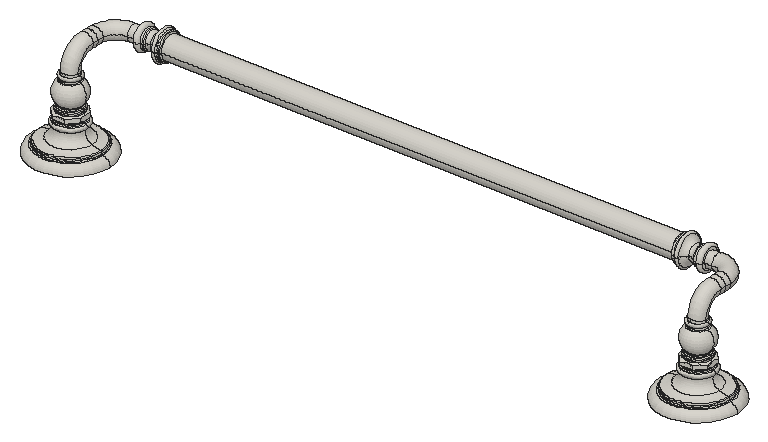
Revit family "Accessory-Towel_Bar-KOHLER-Artifacts-K-72568BR_1", category Specialty Equipment, host Face, Revit 2017 (continued)
Definition of nested family "K-72568BR"
  Automatic sketch dimensions
    curve 105 to plane 1 "Center (Front/Back)" = 0.233"
    curve 106 to plane 1 "Center (Front/Back)" = 0.233"
    plane 12 to curve 108 = 0.23718"
    curve 110 to curve 111 = 0.02925"
    plane 12 to curve 64 = 0.20793"
    curve 79 to curve 80 = 0.05491"
    curve 71 to curve 72 = 0.05491"
    curve 74 to plane 15 = 0.00734"
    curve 109 to plane 29 = 0.0215"
    curve 73 to curve 73 = 0.07775"
    plane 16 to curve 78 = 0.00715"
    curve 108 to plane 12 = 0.04029"
    curve 82 to curve 81 = 0.0551"
    curve 76 to curve 75 = 0.0551"
    plane 14 to curve 58 = 0"
    plane 20 to curve 58 = 0.37101"
    curve 59 to plane 10 = 0.05323"
    plane 20 to curve 59 = 0.15826"
    plane 20 to curve 60 = 0.01861"
    plane 11 to curve 61 = 0.049"
    curve 61 to plane 20 = 0.42973"
    curve 62 to plane 12 = 0.03553"
    curve 61 to curve 62 = 0.11659"
    curve 62 to curve 63 = 0.16534"
    curve 88 to plane 22 = 0.71166"
    plane 11 to curve 87 = 0.03553"
    curve 88 to curve 87 = 0.16534"
    curve 86 to plane 29 = 0.03892"
    curve 87 to curve 86 = 0.11659"
    plane 22 to curve 85 = 0.01861"
    curve 84 to plane 10 = 0.05323"
    curve 85 to curve 84 = 0.13965"
    curve 83 to plane 13 = 0"
    curve 84 to curve 83 = 0.21276"
    curve 100 to curve 101 = 0.0551"
    curve 106 to curve 107 = 0.0551"
    curve 110 to plane 12 = 0.04029"
    curve 103 to plane 17 = 0.00715"
    curve 102 to curve 102 = 0.07783"
    curve 111 to plane 29 = 0.0215"
    plane 18 to curve 99 = 0.00734"
    curve 97 to curve 96 = 0.05491"
    curve 105 to curve 104 = 0.05491"
    curve 67 to curve 80 = 0.01872"
    curve 92 to curve 105 = 0.01872"
    curve 93 to curve 94 = 0.07532"
    curve 68 to curve 69 = 0.07532"
    curve 70 to curve 64 = 0.06427"
    curve 95 to curve 89 = 0.06427"
    curve 87 to plane 12 = 0.03553"
    curve 61 to plane 29 = 0.03892"
    plane 13 to curve 60 = 0.06673"
    plane 13 to curve 85 = 0.06673"
    plane 13 to curve 58 = 0.00024"
    plane 14 to curve 83 = 0"
    curve 85 to plane 14 = 0.06647"
    curve 60 to plane 14 = 0.06647"
    plane 9 to curve 84 = 0.05323"
    plane 9 to curve 59 = 0.05323"
    plane 11 to curve 86 = 0.049"
    plane 11 to curve 62 = 0.03553"
    curve 43 to plane 1 "Center (Front/Back)" = 0"
    plane 1 "Center (Front/Back)" to curve 47 = 0.00489"
    plane 1 "Center (Front/Back)" to curve 39 = 0.00553"
    plane 1 "Center (Front/Back)" to curve 50 = 0.233"
    curve 44 to plane 1 "Center (Front/Back)" = 0.00489"
    curve 42 to plane 1 "Center (Front/Back)" = 0.00553"
    curve 49 to plane 1 "Center (Front/Back)" = 0.233"
    level to curve 47 = 0.37962"
    curve 47 to curve 44 = 0"
    curve 47 to curve 50 = 0.92197"
    curve 42 to curve 49 = 0"
    curve 50 to curve 50 = 0.12162"
    curve 47 to curve 42 = 0.70032"
    curve 39 to curve 42 = 0"
    plane 1 "Center (Front/Back)" to curve 56 = 0.29529"
    curve 54 to curve 56 = 0.05932"
    curve 55 to curve 54 = 0"
    curve 41 to curve 41 = 0.16475"
    curve 45 to curve 50 = 0.16475"
    curve 53 to curve 45 = 0.01703"
    curve 52 to curve 53 = 0.01016"
    curve 51 to curve 45 = 0.06475"
    curve 38 to curve 41 = 0.14513"
    curve 57 to curve 38 = 0.00459"
    curve 45 to curve 51 = 0.10001"
    curve 41 to curve 57 = 0.01503"
    curve 37 to curve 38 = 0.06208"
    plane 5 to curve 36 = 0.34898"
    curve 35 to curve 36 = 0.05059"
    curve 56 to plane 1 "Center (Front/Back)" = 0.29529"
    curve 56 to curve 55 = 0.05932"
    curve 54 to curve 55 = 0"
    curve 47 to curve 46 = 0.16475"
    curve 42 to curve 40 = 0.39222"
    curve 46 to curve 53 = 0.01703"
    curve 53 to curve 52 = 0.01016"
    curve 46 to curve 51 = 0.06475"
    curve 40 to curve 38 = 0.14513"
    curve 38 to curve 57 = 0.00459"
    curve 51 to curve 46 = 0.10001"
    curve 57 to curve 40 = 0.01503"
    curve 38 to curve 37 = 0.06208"
    plane 12 to curve 36 = 0.26106"
    curve 36 to curve 35 = 0.05059"
    level to curve 35 = 0.32019"
    curve 44 to curve 46 = 0.04255"
    curve 47 to curve 45 = 0.04255"
    curve 35 to curve 36 = 0.12177"
    curve 37 to curve 41 = 0.28779"
    curve 37 to curve 38 = 0.12157"
    curve 57 to curve 41 = 0.03934"
    curve 57 to curve 41 = 0.00647"
    curve 57 to curve 40 = 0.00647"
    curve 46 to curve 46 = 0.02676"
    curve 45 to curve 45 = 0.02676"
    curve 47 to curve 48 = 0.03618"
    curve 51 to curve 52 = 0.12205"
    curve 52 to curve 53 = 0.11932"
    curve 53 to curve 41 = 0.38355"
    curve 53 to curve 40 = 0.38355"
    curve 54 to plane 28 = 0.38608"
    curve 54 to curve 55 = 0.08395"
    curve 55 to curve 56 = 0.10305"
    plane 6 "B" to curve 122 = 0"
    plane 6 "B" to curve 7 = 0"
    plane 6 "B" to curve 3 = 0"
    curve 122 to plane 25 = 0"
    curve 122 to plane 8 "A" = 0"
    curve 115 to plane 26 = 0"
    curve 116 to plane 26 = 0"
    curve 120 to plane 24 = 0"
    curve 120 to plane 23 = 0"
    curve 130 to plane 23 = 0"
    curve 130 to plane 24 = 0"
    curve 126 to plane 26 = 0"
    curve 136 to plane 26 = 0"
    curve 136 to plane 8 "A" = 0"
    curve 137 to plane 25 = 0"
    plane 7 "C" to curve 24 = 0"
    plane 7 "C" to curve 20 = 0"
    curve 9 to plane 15 = 0.0623"
    plane 15 to curve 5 = 0.26721"
    plane 16 to curve 10 = 0.06221"
    curve 122 to curve 115 = 0.29625"
    plane 17 to curve 136 = 0"
    curve 27 to plane 17 = 0.06221"
    curve 137 to plane 7 "C" = 0.00104"
    plane 18 to curve 26 = 0.0623"
    curve 22 to plane 18 = 0.26721"
    curve 20 to plane 28 = 0.80328"
    curve 3 to plane 28 = 0.80328"
    curve 9 to curve 3 = 0.68786"
    curve 26 to curve 20 = 0.68786"
    curve 26 to curve 24 = 0.12162"
    curve 9 to curve 7 = 0.12162"
    curve 5 to curve 9 = 0"
    curve 22 to curve 20 = 0"
    level to curve 7 = 0.42217"
    level to curve 24 = 0.42217"
    plane 15 to curve 114 = 0.00096"
    plane 15 to curve 113 = 0.05932"
    plane 15 to curve 112 = 0.05932"
    plane 15 to curve 17 = 0.09839"
    plane 15 to curve 6 = 0.10246"
    curve 12 to curve 17 = 1/32"
    curve 11 to curve 6 = 0.06475"
    curve 5 to curve 13 = 0.01962"
    curve 5 to curve 1 = 0.01551"
    curve 6 to curve 11 = 0.10001"
    curve 14 to curve 13 = 0.06208"
    curve 15 to plane 19 = 0.34898"
    curve 16 to curve 15 = 0.05059"
    curve 114 to plane 16 = 0.00104"
    curve 112 to plane 16 = 0.0594"
    curve 113 to plane 16 = 0.0594"
    curve 17 to plane 16 = 0.09848"
    curve 8 to plane 16 = 0.10254"
    curve 2 to plane 16 = 0.10254"
    curve 17 to curve 12 = 1/32"
    curve 8 to curve 11 = 0.06475"
    curve 2 to curve 13 = 0.14513"
    curve 13 to curve 1 = 0.00411"
    curve 11 to curve 8 = 0.10001"
    curve 1 to curve 2 = 0.01551"
    curve 13 to curve 14 = 0.06208"
    plane 20 to curve 116 = 0.37101"
    plane 20 to curve 15 = 0.34898"
    curve 15 to curve 16 = 0.05059"
    plane 24 to curve 117 = 0.05323"
    plane 20 to curve 117 = 0.15826"
    plane 20 to curve 121 = 0.01861"
    plane 28 to curve 118 = 0.04859"
    curve 118 to plane 20 = 0.42973"
    curve 119 to plane 27 = 0.03512"
    curve 118 to curve 119 = 0.11659"
    curve 119 to curve 120 = 0.16534"
    curve 130 to plane 22 = 0.71166"
    curve 129 to plane 27 = 0.03512"
    curve 130 to curve 129 = 0.16534"
    curve 128 to plane 27 = 0.04859"
    curve 129 to curve 128 = 0.11659"
    plane 22 to curve 131 = 0.01861"
    curve 127 to plane 23 = 0.05323"
    curve 131 to curve 127 = 0.13965"
    plane 22 to curve 33 = 0.2984"
    curve 33 to curve 32 = 0.05059"
    plane 25 to curve 126 = 0"
    curve 127 to curve 126 = 0.21276"
    plane 17 to curve 31 = 0.30976"
    plane 17 to curve 19 = 0.2673"
    curve 25 to curve 19 = 0"
    curve 19 to curve 18 = 0.01551"
    curve 18 to curve 30 = 0.00411"
    curve 25 to curve 28 = 0.10001"
    curve 28 to curve 29 = 0.03756"
    curve 28 to curve 25 = 0.06475"
    plane 17 to curve 19 = 0.10254"
    curve 29 to curve 34 = 1/32"
    plane 17 to curve 123 = 0.0594"
    plane 17 to curve 124 = 0.0594"
    plane 17 to curve 125 = 0.00104"
    curve 125 to plane 18 = 0.00096"
    curve 123 to plane 18 = 0.05932"
    curve 124 to plane 18 = 0.05932"
    curve 34 to plane 18 = 0.09839"
    curve 23 to plane 18 = 0.10246"
    curve 34 to curve 29 = 1/32"
    curve 23 to curve 28 = 0.06475"
    curve 30 to curve 22 = 0.01962"
    curve 18 to curve 22 = 0.01551"
    curve 28 to curve 23 = 0.10001"
    curve 30 to curve 31 = 0.06208"
    curve 32 to plane 21 = 0.34898"
    curve 32 to curve 33 = 0.05059"
    plane 28 to curve 128 = 0.04859"
    plane 28 to curve 119 = 0.03512"
    plane 28 to curve 129 = 0.03512"
    curve 125 to plane 28 = 0.19907"
    curve 114 to plane 28 = 0.19907"
    curve 124 to curve 125 = 0.10305"
    curve 113 to curve 114 = 0.10305"
    curve 123 to curve 124 = 0.08395"
    curve 112 to curve 113 = 0.08395"
    curve 21 to curve 20 = 0"
    curve 19 to curve 20 = 0"
    curve 2 to curve 3 = 0"
    curve 4 to curve 3 = 0"
    curve 26 to curve 34 = 0.259"
    curve 6 to curve 17 = 0.259"
    curve 29 to curve 34 = 0.07401"
    curve 12 to curve 17 = 0.07401"
    curve 25 to curve 28 = 0.06294"
    curve 8 to curve 11 = 0.06294"
    curve 23 to curve 28 = 0.03618"
    curve 6 to curve 11 = 0.03618"
    curve 8 to curve 11 = 0.03618"
    curve 25 to curve 28 = 0.03618"
    curve 21 to curve 21 = 0.03286"
    curve 2 to curve 2 = 0.03286"
    curve 4 to curve 4 = 0.03286"
    curve 19 to curve 19 = 0.03286"
    curve 22 to curve 21 = 0.03286"
    curve 5 to curve 4 = 0.03286"
    curve 18 to curve 19 = 0.03934"
    curve 1 to curve 2 = 0.03934"
    curve 13 to curve 1 = 0.12689"
    curve 30 to curve 18 = 0.12689"
    curve 31 to curve 30 = 0.12157"
    curve 14 to curve 13 = 0.12157"
    level to curve 32 = 0.44196"
    level to curve 15 = 0.44196"
    curve 8 to curve 7 = 0"
    curve 6 to curve 7 = 0"
    curve 25 to curve 24 = 0"
    curve 23 to curve 24 = 0"
    curve 16 to curve 15 = 0.12177"
    curve 33 to curve 32 = 0.12177"
    plane 24 to curve 127 = 0.05323"
    curve 121 to plane 26 = 0.06648"
    curve 131 to plane 26 = 0.06648"
    plane 25 to curve 116 = 0"
    plane 25 to curve 131 = 0.06648"
    plane 25 to curve 121 = 0.06648"
    curve 117 to plane 23 = 0.05323"
    curve 118 to plane 27 = 0.04859"
    Revolve 1 sketch curve to level = 0"  (x2)
    plane 6 "B" to Revolve 1 sketch curve = 0"  (x2)
    plane 20 to Revolve 1 sketch curve = 0"
    Revolve 1 sketch curve to plane 6 "B" = 0.10942"
    Revolve 1 sketch curve to plane 16 = 0.05193"
    Revolve 1 sketch curve to plane 16 = 0.0594"
    Revolve 1 sketch curve to plane 16 = 0.09848"
    Revolve 1 sketch curve to Revolve 1 sketch curve = 15/256"
    Revolve 1 sketch curve to Revolve 1 sketch curve = 1/32"  (x2)
    Revolve 1 sketch curve to Revolve 1 sketch curve = 0.02797"
    Revolve 1 sketch curve to Revolve 1 sketch curve = 0.03611"
    Revolve 1 sketch curve to Revolve 1 sketch curve = 0.00145"
    Revolve 1 sketch curve to Revolve 1 sketch curve = 0.0311"
    Revolve 1 sketch curve to Revolve 1 sketch curve = 0.0077"
    Revolve 1 sketch curve to plane 16 = 0.21642"
    Revolve 1 sketch curve to Revolve 1 sketch curve = 0.04174"
    Revolve 1 sketch curve to Revolve 1 sketch curve = 0.00123"
    Revolve 1 sketch curve to Revolve 1 sketch curve = 0.04476"
    Revolve 1 sketch curve to Revolve 1 sketch curve = 0.02674"
    Revolve 1 sketch curve to Revolve 1 sketch curve = 0.09104"
    Revolve 1 sketch curve to Revolve 1 sketch curve = 0.32123"
    plane 20 to Revolve 1 sketch curve = 0.35246"
    Revolve 1 sketch curve to Revolve 1 sketch curve = 0.03045"
    plane 20 to Revolve 1 sketch curve = 0.31389"
    Revolve 1 sketch curve to Revolve 1 sketch curve = 9/256"
    plane 20 to Revolve 1 sketch curve = 0.1897"
    plane 20 to Revolve 1 sketch curve = 0.18913"
    level to Revolve 1 sketch curve = 0.35339"
    Revolve 1 sketch curve to Revolve 1 sketch curve = 0.05831"
    Revolve 1 sketch curve to Revolve 1 sketch curve = 0.22284"
    Revolve 1 sketch curve to Revolve 1 sketch curve = 0.24157"
    Revolve 1 sketch curve to Revolve 1 sketch curve = 0.10532"
    Revolve 1 sketch curve to Revolve 1 sketch curve = 0.09192"
    Revolve 1 sketch curve to Revolve 1 sketch curve = 0.06202"
    Revolve 1 sketch curve to Revolve 1 sketch curve = 0.05268"
    Revolve 1 sketch curve to Revolve 1 sketch curve = 0.06456"
    Revolve 1 sketch curve to Revolve 1 sketch curve = 0.07587"
    Revolve 1 sketch curve to Revolve 1 sketch curve = 0.08347"
    Revolve 1 sketch curve to Revolve 1 sketch curve = 0.06131"
    Revolve 1 sketch curve to Revolve 1 sketch curve = 0.04276"
    Revolve 1 sketch curve to Revolve 1 sketch curve = 0.42407"
    Revolve 1 sketch curve to Revolve 1 sketch curve = 0.40824"
    Revolve 1 sketch curve to plane 28 = 0.38608"
    Revolve 1 sketch curve to Revolve 1 sketch curve = 0.08395"
    Revolve 1 sketch curve to Revolve 1 sketch curve = 0.05126"
    Revolve 1 sketch curve to Revolve 1 sketch curve = 0"  (x4)
    Revolve 1 sketch curve to Revolve 1 sketch curve = 0.02262"
    level to Revolve 1 sketch curve = 0.1926"
    Sweep 2 sketch curve to plane 6 "B" = 0"
    plane 4 to Sweep 2 sketch curve = 0"
    plane 12 to Sweep 2 sketch curve = 0.23817"
    Sweep 2 sketch curve to Sweep 2 sketch curve = 1/4"
    Sweep 2 sketch curve to Sweep 2 sketch curve = 0.3057"
    Sweep 2 sketch curve to profile plane = 0"  (x2)
    plane 4 to Revolve 3 sketch curve = 0"
    plane 9 to Revolve 3 sketch curve = 0"
    plane 14 to Revolve 3 sketch curve = 0"
    Revolve 3 sketch curve to plane 14 = 0.04497"  (x2)
    plane 9 to Revolve 3 sketch curve = 0.06332"  (x2)
    plane 9 to Revolve 3 sketch curve = 0.05323"  (x2)
    plane 9 to Revolve 3 sketch curve = 0.02305"  (x2)
    Revolve 3 sketch curve to plane 9 = 0.05281"  (x2)
    Revolve 3 sketch curve to Revolve 3 sketch curve = 0.02977"  (x2)
    plane 11 to Revolve 3 sketch curve = 0.06193"  (x2)
    plane 11 to Revolve 3 sketch curve = 0.03995"  (x2)
    plane 11 to Revolve 3 sketch curve = 0.01036"  (x2)
    Revolve 3 sketch curve to plane 11 = 0.01499"  (x2)
    plane 22 to Revolve 3 sketch curve = 0.37101"
    Revolve 3 sketch curve to Revolve 3 sketch curve = 0.10662"
    plane 22 to Revolve 3 sketch curve = 0.0519"
    Revolve 3 sketch curve to plane 22 = 0.0562"
    Revolve 3 sketch curve to plane 22 = 0.13008"
    Revolve 3 sketch curve to Revolve 3 sketch curve = 0.01339"  (x2)
    Revolve 3 sketch curve to Revolve 3 sketch curve = 0.34683"
    Revolve 3 sketch curve to Revolve 3 sketch curve = 0.10942"  (x2)
    Revolve 3 sketch curve to Revolve 3 sketch curve = 0.08218"  (x2)
    Revolve 3 sketch curve to plane 20 = 0.71166"
    Revolve 3 sketch curve to plane 20 = 0.14347"
    Revolve 3 sketch curve to plane 20 = 0.0562"
    plane 20 to Revolve 3 sketch curve = 0.0519"
    Revolve 3 sketch curve to Revolve 3 sketch curve = 0.10636"
    Revolve 3 sketch curve to Revolve 3 sketch curve = 0.10614"
    Revolve 3 sketch curve to plane 14 = 0.00709"  (x2)
    Revolve 3 sketch curve to Revolve 3 sketch curve = 0"  (x7)
    Revolve 3 sketch curve to plane 20 = 0.29544"
    plane 1 "Center (Front/Back)" to Extrusion 4 sketch curve = 0"
    Extrusion 4 sketch curve to plane 6 "B" = 0"
    Extrusion 4 sketch curve to plane 15 = 0.0623"  (x2)
    plane 15 to Extrusion 4 sketch curve = 0.26721"
    plane 16 to Extrusion 4 sketch curve = 0.06221"  (x2)
    Extrusion 4 sketch curve to plane 16 = 0.2673"
    plane 1 "Center (Front/Back)" to Extrusion 4 sketch curve = 0.233"  (x2)
    Extrusion 4 sketch curve to Extrusion 4 sketch curve = 0.3295"  (x2)
    Extrusion 4 sketch curve to plane 1 "Center (Front/Back)" = 0.233"  (x2)
    Masking region 1 sketch curve to level = 0"  (x2)
    plane 19 to Masking region 1 sketch curve = 0"
    Masking region 1 sketch curve to plane 8 "A" = 0"  (x2)
    plane 6 "B" to Masking region 1 sketch curve = 0"
    Masking region 1 sketch curve to plane 25 = 0"  (x2)
    Masking region 1 sketch curve to plane 26 = 0"  (x2)
    plane 20 to Masking region 1 sketch curve = 0"
    Masking region 1 sketch curve to plane 24 = 0"
    Masking region 1 sketch curve to plane 23 = 0"
    Masking region 1 sketch curve to plane 22 = 0"
    plane 7 "C" to Masking region 1 sketch curve = 0.00096"
    plane 7 "C" to Masking region 1 sketch curve = 0"
    Masking region 1 sketch curve to plane 21 = 0"
    Masking region 1 sketch curve to plane 19 = 0.18913"
    Masking region 1 sketch curve to plane 19 = 0.1897"
    Masking region 1 sketch curve to plane 19 = 0.28685"
    Masking region 1 sketch curve to Masking region 1 sketch curve = 0.31389"  (x2)
    Masking region 1 sketch curve to Masking region 1 sketch curve = 9/256"  (x4)
    Masking region 1 sketch curve to Masking region 1 sketch curve = 0.03045"  (x4)
    Masking region 1 sketch curve to Masking region 1 sketch curve = 0.3762"  (x2)
    plane 15 to Masking region 1 sketch curve = 0.31909"
    Masking region 1 sketch curve to Masking region 1 sketch curve = 0.02674"  (x4)
    plane 15 to Masking region 1 sketch curve = 0.26721"
    Masking region 1 sketch curve to Masking region 1 sketch curve = 0.0079"  (x2)
    Masking region 1 sketch curve to Masking region 1 sketch curve = 3/256"  (x2)
    Masking region 1 sketch curve to Masking region 1 sketch curve = 0.02972"  (x2)
    Masking region 1 sketch curve to Masking region 1 sketch curve = 1/32"  (x8)
    Masking region 1 sketch curve to Masking region 1 sketch curve = 0.06266"  (x4)
    Masking region 1 sketch curve to Masking region 1 sketch curve = 0.0077"  (x4)
    Masking region 1 sketch curve to Masking region 1 sketch curve = 0.02964"  (x3)
    Masking region 1 sketch curve to Masking region 1 sketch curve = 0.0311"  (x2)
    Masking region 1 sketch curve to Masking region 1 sketch curve = 0.00814"  (x2)
    Masking region 1 sketch curve to Masking region 1 sketch curve = 0.03611"  (x4)
    plane 15 to Masking region 1 sketch curve = 0.11791"
    Masking region 1 sketch curve to Masking region 1 sketch curve = 15/256"  (x3)
    plane 15 to Masking region 1 sketch curve = 0.05185"
    plane 15 to Masking region 1 sketch curve = 0.00096"
    plane 6 "B" to Masking region 1 sketch curve = 0.10942"
    Masking region 1 sketch curve to plane 6 "B" = 0.10942"
    Masking region 1 sketch curve to plane 16 = 0.00104"
    Masking region 1 sketch curve to Masking region 1 sketch curve = 0.05089"
    Masking region 1 sketch curve to Masking region 1 sketch curve = 0.00747"  (x3)
    Masking region 1 sketch curve to plane 16 = 0.09848"
    Masking region 1 sketch curve to Masking region 1 sketch curve = 0.02797"  (x2)
    Masking region 1 sketch curve to Masking region 1 sketch curve = 0.00145"  (x2)
    Masking region 1 sketch curve to plane 16 = 0.21642"
    Masking region 1 sketch curve to Masking region 1 sketch curve = 0.02115"  (x2)
    Masking region 1 sketch curve to Masking region 1 sketch curve = 11/256"  (x2)
    Masking region 1 sketch curve to Masking region 1 sketch curve = 0.04476"  (x2)
    Masking region 1 sketch curve to Masking region 1 sketch curve = 0.32123"  (x2)
    plane 20 to Masking region 1 sketch curve = 0.37101"  (x2)
    Masking region 1 sketch curve to plane 23 = 0.06332"  (x2)
    plane 20 to Masking region 1 sketch curve = 0.35246"
    plane 20 to Masking region 1 sketch curve = 0.31389"
    plane 24 to Masking region 1 sketch curve = 0.06332"  (x2)
    Masking region 1 sketch curve to Masking region 1 sketch curve = 0.10662"  (x2)
    plane 20 to Masking region 1 sketch curve = 0.1897"
    plane 20 to Masking region 1 sketch curve = 0.18913"
    plane 24 to Masking region 1 sketch curve = 0.05323"  (x2)
    Masking region 1 sketch curve to plane 23 = 0.05323"  (x2)
    plane 20 to Masking region 1 sketch curve = 0.0519"  (x2)
    Masking region 1 sketch curve to plane 20 = 0.0562"  (x2)
    plane 27 to Masking region 1 sketch curve = 0.01539"  (x2)
    Masking region 1 sketch curve to plane 20 = 0.13008"  (x2)
    Masking region 1 sketch curve to plane 28 = 0.01539"  (x2)
    Masking region 1 sketch curve to plane 27 = 0.03954"  (x2)
    Masking region 1 sketch curve to Masking region 1 sketch curve = 0.01339"  (x4)
    plane 28 to Masking region 1 sketch curve = 0.03954"  (x2)
    plane 28 to Masking region 1 sketch curve = 0.06153"  (x2)
    Masking region 1 sketch curve to Masking region 1 sketch curve = 0.34683"  (x2)
    Masking region 1 sketch curve to plane 27 = 0.06153"  (x2)
    plane 28 to Masking region 1 sketch curve = 0.06898"
    Masking region 1 sketch curve to Masking region 1 sketch curve = 0.10942"  (x4)
    Masking region 1 sketch curve to plane 27 = 0.06898"
    Masking region 1 sketch curve to plane 24 = 0.05281"
    Masking region 1 sketch curve to Masking region 1 sketch curve = 0.08218"  (x4)
    plane 23 to Masking region 1 sketch curve = 0.05281"  (x2)
    Masking region 1 sketch curve to plane 22 = 0.71166"  (x2)
    Masking region 1 sketch curve to Masking region 1 sketch curve = 0.02977"  (x2)
    Masking region 1 sketch curve to plane 27 = 0.00995"  (x2)
    Masking region 1 sketch curve to plane 22 = 0.14347"  (x2)
    Masking region 1 sketch curve to plane 23 = 0.02305"  (x2)
    Masking region 1 sketch curve to plane 22 = 0.0562"  (x2)
    plane 24 to Masking region 1 sketch curve = 0.02305"  (x2)
    plane 22 to Masking region 1 sketch curve = 0.0519"  (x2)
    Masking region 1 sketch curve to Masking region 1 sketch curve = 0.10636"  (x2)
    plane 22 to Masking region 1 sketch curve = 0.18913"
    plane 22 to Masking region 1 sketch curve = 0.1897"
    Masking region 1 sketch curve to Masking region 1 sketch curve = 0.10614"  (x2)
    plane 22 to Masking region 1 sketch curve = 0.28685"
    plane 22 to Masking region 1 sketch curve = 0.31389"
    plane 17 to Masking region 1 sketch curve = 0.31917"
    plane 17 to Masking region 1 sketch curve = 0.2673"
    Masking region 1 sketch curve to Masking region 1 sketch curve = 0.03734"
    plane 17 to Masking region 1 sketch curve = 0.118"
    plane 17 to Masking region 1 sketch curve = 0.0594"
    plane 17 to Masking region 1 sketch curve = 0"
    plane 7 "C" to Masking region 1 sketch curve = 0.10942"
    plane 7 "C" to Masking region 1 sketch curve = 0.00192"
    Masking region 1 sketch curve to plane 7 "C" = 0.10942"
    Masking region 1 sketch curve to Masking region 1 sketch curve = 0.05185"
    Masking region 1 sketch curve to plane 18 = 0.09839"
    Masking region 1 sketch curve to plane 18 = 0.21634"
    Masking region 1 sketch curve to plane 21 = 0.35246"
    Masking region 1 sketch curve to plane 21 = 0.1897"
    Masking region 1 sketch curve to plane 21 = 0.18913"
    level to Masking region 1 sketch curve = 0.35339"  (x4)
    Masking region 1 sketch curve to Masking region 1 sketch curve = 0.05831"  (x4)
    Masking region 1 sketch curve to Masking region 1 sketch curve = 0.22284"  (x4)
    Masking region 1 sketch curve to Masking region 1 sketch curve = 0.24157"  (x4)
    Masking region 1 sketch curve to Masking region 1 sketch curve = 0.10532"  (x4)
    Masking region 1 sketch curve to Masking region 1 sketch curve = 0.09192"  (x4)
    Masking region 1 sketch curve to Masking region 1 sketch curve = 0.06202"  (x4)
    Masking region 1 sketch curve to Masking region 1 sketch curve = 0.05268"  (x4)
    Masking region 1 sketch curve to Masking region 1 sketch curve = 0.01241"  (x4)
    Masking region 1 sketch curve to Masking region 1 sketch curve = 0.18124"  (x4)
    Masking region 1 sketch curve to Masking region 1 sketch curve = 0.03618"  (x4)
    Masking region 1 sketch curve to Masking region 1 sketch curve = 0.06131"  (x4)
    Masking region 1 sketch curve to Masking region 1 sketch curve = 0.04276"  (x4)
    Masking region 1 sketch curve to Masking region 1 sketch curve = 0.37679"  (x4)
    Masking region 1 sketch curve to Masking region 1 sketch curve = 0.40824"  (x2)
    Masking region 1 sketch curve to Masking region 1 sketch curve = 0"  (x36)
    Masking region 1 sketch curve to plane 28 = 0.38608"  (x4)
    Masking region 1 sketch curve to Masking region 1 sketch curve = 0.08395"  (x4)
    Masking region 1 sketch curve to Masking region 1 sketch curve = 0.05126"  (x4)
    plane 28 to Masking region 1 sketch curve = 0.00995"  (x2)
    Masking region 1 sketch curve to Masking region 1 sketch curve = 0.05903"
    Masking region 1 sketch curve to Masking region 1 sketch curve = 0.03963"  (x4)
    Masking region 1 sketch curve to Masking region 1 sketch curve = 0.02262"  (x2)
    Masking region 2 sketch curve to level = 0"
    Masking region 2 sketch curve to plane 5 = 0"
    Masking region 2 sketch curve to plane 1 "Center (Front/Back)" = 0"
    Masking region 2 sketch curve to plane 29 = 0"
    Masking region 2 sketch curve to plane 4 = 0"
    Masking region 2 sketch curve to plane 8 "A" = 0"
    plane 5 to Masking region 2 sketch curve = 0.18913"
    plane 5 to Masking region 2 sketch curve = 0.1897"
    plane 5 to Masking region 2 sketch curve = 0.28685"
    Masking region 2 sketch curve to Masking region 2 sketch curve = 0.31389"
    Masking region 2 sketch curve to Masking region 2 sketch curve = 9/256"  (x2)
    Masking region 2 sketch curve to Masking region 2 sketch curve = 0.03045"  (x2)
    Masking region 2 sketch curve to Masking region 2 sketch curve = 0.3762"
    Masking region 2 sketch curve to Masking region 2 sketch curve = 0.32123"  (x2)
    Masking region 2 sketch curve to Masking region 2 sketch curve = 0.02674"  (x2)
    Masking region 2 sketch curve to Masking region 2 sketch curve = 0.02513"
    Masking region 2 sketch curve to Masking region 2 sketch curve = 0.0079"
    Masking region 2 sketch curve to Masking region 2 sketch curve = 0.04476"  (x2)
    Masking region 2 sketch curve to Masking region 2 sketch curve = 0.03174"  (x2)
    Masking region 2 sketch curve to Masking region 2 sketch curve = 0.01913"  (x2)
    Masking region 2 sketch curve to Masking region 2 sketch curve = 0.06266"
    Masking region 2 sketch curve to Masking region 2 sketch curve = 0.0077"  (x2)
    Masking region 2 sketch curve to Masking region 2 sketch curve = 0.02964"  (x2)
    Masking region 2 sketch curve to Masking region 2 sketch curve = 0.0311"
    Masking region 2 sketch curve to Masking region 2 sketch curve = 0.00814"
    Masking region 2 sketch curve to Masking region 2 sketch curve = 0.03611"  (x2)
    plane 1 "Center (Front/Back)" to Masking region 2 sketch curve = 0.4132"
    Masking region 2 sketch curve to Masking region 2 sketch curve = 1/32"  (x3)
    Masking region 2 sketch curve to Masking region 2 sketch curve = 15/256"  (x2)
    Masking region 2 sketch curve to Masking region 2 sketch curve = 0.00747"  (x2)
    Masking region 2 sketch curve to Masking region 2 sketch curve = 0.05104"
    plane 1 "Center (Front/Back)" to Masking region 2 sketch curve = 0.10942"
    Masking region 2 sketch curve to plane 1 "Center (Front/Back)" = 0.10942"
    Masking region 2 sketch curve to plane 28 = 0.08878"
    Masking region 2 sketch curve to plane 1 "Center (Front/Back)" = 0.29625"
    Masking region 2 sketch curve to Masking region 2 sketch curve = 0.05089"
    Masking region 2 sketch curve to plane 1 "Center (Front/Back)" = 0.39368"
    Masking region 2 sketch curve to Masking region 2 sketch curve = 0.02797"
    Masking region 2 sketch curve to Masking region 2 sketch curve = 0.00145"
    Masking region 2 sketch curve to Masking region 2 sketch curve = 0.01179"
    Masking region 2 sketch curve to Masking region 2 sketch curve = 0.02383"
    Masking region 2 sketch curve to plane 28 = 0.11384"
    Masking region 2 sketch curve to Masking region 2 sketch curve = 0.35109"
    Masking region 2 sketch curve to Masking region 2 sketch curve = 0.00319"
    plane 12 to Masking region 2 sketch curve = 0.26454"
    plane 12 to Masking region 2 sketch curve = 0.22597"
    plane 12 to Masking region 2 sketch curve = 0.10178"
    plane 12 to Masking region 2 sketch curve = 0.10121"
    plane 26 to Masking region 2 sketch curve = 0"
    Masking region 2 sketch curve to plane 29 = 0.00747"
    Masking region 2 sketch curve to plane 25 = 0"
    level to Masking region 2 sketch curve = 0.35339"  (x2)
    Masking region 2 sketch curve to Masking region 2 sketch curve = 0.05831"  (x2)
    Masking region 2 sketch curve to Masking region 2 sketch curve = 0.22284"  (x2)
    Masking region 2 sketch curve to Masking region 2 sketch curve = 0.24157"  (x2)
    Masking region 2 sketch curve to Masking region 2 sketch curve = 0.10532"  (x2)
    Masking region 2 sketch curve to Masking region 2 sketch curve = 0.09192"  (x2)
    Masking region 2 sketch curve to Masking region 2 sketch curve = 0.06202"  (x2)
    Masking region 2 sketch curve to Masking region 2 sketch curve = 0.05268"  (x2)
    Masking region 2 sketch curve to Masking region 2 sketch curve = 0.01367"  (x2)
    Masking region 2 sketch curve to Masking region 2 sketch curve = 0.18124"  (x2)
    Masking region 2 sketch curve to Masking region 2 sketch curve = 0.03618"  (x2)
    Masking region 2 sketch curve to Masking region 2 sketch curve = 0.06131"  (x2)
    Masking region 2 sketch curve to Masking region 2 sketch curve = 0.04276"  (x2)
    Masking region 2 sketch curve to Masking region 2 sketch curve = 0.37679"  (x2)
    Masking region 2 sketch curve to Masking region 2 sketch curve = 0.40824"
    Masking region 2 sketch curve to Masking region 2 sketch curve = 0"  (x11)
    Masking region 2 sketch curve to Masking region 2 sketch curve = 0.2973"
    Masking region 2 sketch curve to Masking region 2 sketch curve = 0.27224"
    Masking region 2 sketch curve to Masking region 2 sketch curve = 0.08395"  (x2)
    Masking region 2 sketch curve to Masking region 2 sketch curve = 0.05126"  (x2)
    Masking region 2 sketch curve to Masking region 2 sketch curve = 0.02262"
    Masking region 2 sketch curve to plane 25 = 0.00141"
    plane 14 to Masking region 3 sketch curve = 0"
    plane 13 to Masking region 3 sketch curve = 0"
    plane 9 to Masking region 3 sketch curve = 0"
    plane 10 to Masking region 3 sketch curve = 0"
    plane 1 "Center (Front/Back)" to Masking region 3 sketch curve = 0.00009"
    plane 7 "C" to Masking region 3 sketch curve = 0.00003"
    plane 12 to Masking region 3 sketch curve = 0.23687"
    plane 17 to Masking region 3 sketch curve = 0.52873"
    Masking region 3 sketch curve to Masking region 3 sketch curve = 0.00158"
    plane 14 to Masking region 3 sketch curve = 0.00005"
    Masking region 3 sketch curve to Masking region 3 sketch curve = 0.30599"
    Masking region 3 sketch curve to plane 13 = 0"
    Masking region 3 sketch curve to Masking region 3 sketch curve = 0.30441"
    plane 9 to Masking region 3 sketch curve = 0.06332"  (x2)
    Masking region 3 sketch curve to Masking region 3 sketch curve = 0.10662"  (x2)
    Masking region 3 sketch curve to plane 10 = 0.06332"  (x2)
    Masking region 3 sketch curve to plane 10 = 0.05323"  (x2)
    plane 9 to Masking region 3 sketch curve = 0.05323"  (x2)
    plane 22 to Masking region 3 sketch curve = 0.0519"  (x2)
    Masking region 3 sketch curve to plane 22 = 0.0562"  (x2)
    plane 12 to Masking region 3 sketch curve = 0.01499"  (x2)
    Masking region 3 sketch curve to plane 22 = 0.13008"  (x2)
    Masking region 3 sketch curve to plane 11 = 0.01499"  (x2)
    plane 11 to Masking region 3 sketch curve = 0.03995"  (x2)
    Masking region 3 sketch curve to Masking region 3 sketch curve = 0.01339"  (x4)
    Masking region 3 sketch curve to plane 12 = 0.03995"  (x2)
    Masking region 3 sketch curve to plane 29 = 0.02599"  (x2)
    Masking region 3 sketch curve to Masking region 3 sketch curve = 0.34683"  (x2)
    plane 11 to Masking region 3 sketch curve = 0.06193"  (x2)
    Masking region 3 sketch curve to plane 29 = 0.01853"
    Masking region 3 sketch curve to Masking region 3 sketch curve = 0.10942"  (x4)
    plane 11 to Masking region 3 sketch curve = 0.06939"
    Masking region 3 sketch curve to Masking region 3 sketch curve = 0.08218"  (x4)
    Masking region 3 sketch curve to Masking region 3 sketch curve = 0.02977"  (x3)
    plane 29 to Masking region 3 sketch curve = 0.01123"  (x2)
    Masking region 3 sketch curve to plane 20 = 0.71166"  (x2)
    Masking region 3 sketch curve to plane 9 = 0.05281"
    plane 11 to Masking region 3 sketch curve = 0.01036"  (x2)
    Masking region 3 sketch curve to plane 20 = 0.14347"  (x2)
    Masking region 3 sketch curve to plane 10 = 0.02305"  (x2)
    Masking region 3 sketch curve to plane 20 = 0.0562"  (x2)
    plane 9 to Masking region 3 sketch curve = 0.02305"  (x2)
    plane 20 to Masking region 3 sketch curve = 0.0519"  (x2)
    Masking region 3 sketch curve to Masking region 3 sketch curve = 0.10636"  (x2)
    Masking region 3 sketch curve to Masking region 3 sketch curve = 0.10614"  (x2)
    Masking region 3 sketch curve to Masking region 3 sketch curve = 0.30445"
    Masking region 3 sketch curve to Masking region 3 sketch curve = 0.00138"
    Masking region 3 sketch curve to Masking region 3 sketch curve = 0.36203"
    plane 6 "B" to Masking region 3 sketch curve = 0.00029"
    Masking region 3 sketch curve to plane 1 "Center (Front/Back)" = 0.0002"
    plane 12 to Masking region 3 sketch curve = 0.24028"
    Masking region 3 sketch curve to Masking region 3 sketch curve = 0.00336"
    Masking region 3 sketch curve to Masking region 3 sketch curve = 0.00408"
    Masking region 3 sketch curve to plane 12 = 0.01036"  (x2)
    Masking region 3 sketch curve to Masking region 3 sketch curve = 0.03963"  (x4)
    Masking region 3 sketch curve to plane 12 = 0.04016"
    Masking region 3 sketch curve to Masking region 3 sketch curve = 0"  (x16)
    Masking region 3 sketch curve to plane 12 = 0.0406"
    Revolve 5 sketch curve to level = 0"  (x2)
    plane 19 to Revolve 5 sketch curve = 0"
    plane 6 "B" to Revolve 5 sketch curve = 0"  (x2)
    plane 15 to Revolve 5 sketch curve = 0.30967"
    Revolve 5 sketch curve to plane 28 = 0.19907"
    level to Revolve 5 sketch curve = 1/2"
    Sweep 6 sketch curve to plane 8 "A" = 0"
    Sweep 6 sketch curve to plane 1 "Center (Front/Back)" = 0"
    Sweep 6 sketch curve to plane 28 = 0.11357"
    Sweep 6 sketch curve to Sweep 6 sketch curve = 0.0855"
    Sweep 6 sketch curve to Sweep 6 sketch curve = 0.22563"
    Sweep 6 sketch curve to plane 6 "B" = 0"
    Sweep 6 sketch curve to profile plane = 0"
    curve 134 to curve 135 = 0"  (x2)
    curve 132 to plane 4 = 0"
    curve 135 to plane 8 "A" = 0"
    curve 132 to plane 25 = 0"
    curve 135 to plane 10 = 0.03129"
    curve 132 to plane 29 = 0.00747"
    curve 133 to plane 29 = 0.00747"
    Sweep 7 sketch curve to plane 8 "A" = 0"
    Sweep 7 sketch curve to plane 1 "Center (Front/Back)" = 0"
    Sweep 7 sketch curve to plane 28 = 0.11357"
    Sweep 7 sketch curve to Sweep 7 sketch curve = 0.0855"
    Sweep 7 sketch curve to Sweep 7 sketch curve = 0.22563"
    Sweep 7 sketch curve to plane 7 "C" = 0"
    Sweep 7 sketch curve to profile plane = 0"
    Sweep 8 sketch curve to plane 7 "C" = 0"
    plane 4 to Sweep 8 sketch curve = 0"
    Sweep 8 sketch curve to plane 12 = 0.23817"
    Sweep 8 sketch curve to Sweep 8 sketch curve = 1/4"
    Sweep 8 sketch curve to Sweep 8 sketch curve = 0.3057"
    Sweep 8 sketch curve to plane 8 "A" = 0"
    Sweep 8 sketch curve to profile plane = 0"
    Revolve 9 sketch curve to level = 0"  (x2)
    plane 7 "C" to Revolve 9 sketch curve = 0"  (x2)
    Revolve 9 sketch curve to plane 22 = 0"
    Revolve 9 sketch curve to plane 7 "C" = 0.10942"
    Revolve 9 sketch curve to plane 17 = 0.05193"
    Revolve 9 sketch curve to plane 17 = 0.0594"
    Revolve 9 sketch curve to plane 17 = 0.09848"
    Revolve 9 sketch curve to Revolve 9 sketch curve = 15/256"
    Revolve 9 sketch curve to Revolve 9 sketch curve = 1/32"  (x2)
    Revolve 9 sketch curve to Revolve 9 sketch curve = 0.02797"
    Revolve 9 sketch curve to Revolve 9 sketch curve = 0.03611"
    Revolve 9 sketch curve to Revolve 9 sketch curve = 0.00145"
    Revolve 9 sketch curve to Revolve 9 sketch curve = 0.0311"
    Revolve 9 sketch curve to Revolve 9 sketch curve = 0.0077"
    Revolve 9 sketch curve to plane 17 = 0.21642"
    Revolve 9 sketch curve to Revolve 9 sketch curve = 0.04174"
    Revolve 9 sketch curve to Revolve 9 sketch curve = 11/256"
    Revolve 9 sketch curve to Revolve 9 sketch curve = 0.04476"
    Revolve 9 sketch curve to Revolve 9 sketch curve = 0.02674"
    Revolve 9 sketch curve to Revolve 9 sketch curve = 0.09104"
    Revolve 9 sketch curve to Revolve 9 sketch curve = 0.32123"
    Revolve 9 sketch curve to plane 22 = 0.35246"
    Revolve 9 sketch curve to Revolve 9 sketch curve = 0.03045"
    Revolve 9 sketch curve to plane 22 = 0.31389"
    Revolve 9 sketch curve to Revolve 9 sketch curve = 9/256"
    Revolve 9 sketch curve to plane 22 = 0.1897"
    Revolve 9 sketch curve to plane 22 = 0.18913"
    Revolve 9 sketch curve to level = 0.35339"
    Revolve 9 sketch curve to Revolve 9 sketch curve = 0.05831"
    Revolve 9 sketch curve to Revolve 9 sketch curve = 0.22284"
    Revolve 9 sketch curve to Revolve 9 sketch curve = 0.24157"
    Revolve 9 sketch curve to Revolve 9 sketch curve = 0.10532"
    Revolve 9 sketch curve to Revolve 9 sketch curve = 0.09192"
    Revolve 9 sketch curve to Revolve 9 sketch curve = 0.06202"
    Revolve 9 sketch curve to Revolve 9 sketch curve = 0.05268"
    Revolve 9 sketch curve to Revolve 9 sketch curve = 0.06456"
    Revolve 9 sketch curve to Revolve 9 sketch curve = 0.07587"
    Revolve 9 sketch curve to Revolve 9 sketch curve = 0.08347"
    Revolve 9 sketch curve to Revolve 9 sketch curve = 0.06131"
    Revolve 9 sketch curve to Revolve 9 sketch curve = 0.04276"
    Revolve 9 sketch curve to Revolve 9 sketch curve = 0.42407"
    Revolve 9 sketch curve to Revolve 9 sketch curve = 0.40824"
    plane 28 to Revolve 9 sketch curve = 0.38608"
    Revolve 9 sketch curve to Revolve 9 sketch curve = 0.08395"
    Revolve 9 sketch curve to Revolve 9 sketch curve = 0.05126"
    Revolve 9 sketch curve to Revolve 9 sketch curve = 0"  (x4)
    Revolve 9 sketch curve to Revolve 9 sketch curve = 0.02262"
    Revolve 9 sketch curve to level = 0.1926"
    plane 1 "Center (Front/Back)" to Extrusion 10 sketch curve = 0"
    Extrusion 10 sketch curve to plane 7 "C" = 0"
    Extrusion 10 sketch curve to plane 18 = 0.0623"  (x2)
    plane 18 to Extrusion 10 sketch curve = 0.26721"
    plane 17 to Extrusion 10 sketch curve = 0.06221"  (x2)
    Extrusion 10 sketch curve to plane 17 = 0.2673"
    Extrusion 10 sketch curve to plane 1 "Center (Front/Back)" = 0.233"  (x2)
    Extrusion 10 sketch curve to Extrusion 10 sketch curve = 0.3295"  (x2)
    plane 1 "Center (Front/Back)" to Extrusion 10 sketch curve = 0.233"  (x2)
    Sweep 11 sketch curve to profile plane = 0"
    level to Sweep 11 sketch curve = 3 1/2"
    plane 6 "B" to Sweep 12 sketch curve = 0"
    Sweep 12 sketch curve to profile plane = 0"
    Revolve 13 sketch curve to level = 0"  (x2)
    Revolve 13 sketch curve to plane 21 = 0"
    plane 7 "C" to Revolve 13 sketch curve = 0"  (x2)
    plane 18 to Revolve 13 sketch curve = 0.30967"
    plane 28 to Revolve 13 sketch curve = 0.19907"
    Revolve 13 sketch curve to level = 1/2"
    Sweep 14 sketch curve to profile plane = 0"  (x2)
    Sweep 11 sketch curve to plane 6 "B" = 0"
    plane 4 to Sweep 11 sketch curve = 0"
    Sweep 11 sketch curve to plane 7 "C" = 0"
    Sweep 11 sketch curve to plane 16 = 0.29535"
    plane 12 to Sweep 11 sketch curve = 0.0045"
    Sweep 11 sketch curve to Sweep 11 sketch curve = 0.58497"  (x2)
    Sweep 14 sketch curve to plane 8 "A" = 0"
    Sweep 14 sketch curve to plane 1 "Center (Front/Back)" = 0"
    Sweep 14 sketch curve to plane 24 = 0.15646"
    Sweep 14 sketch curve to plane 28 = 0.19907"
    Sweep 14 sketch curve to Sweep 14 sketch curve = 0.233"
    Sweep 12 sketch curve to plane 8 "A" = 0"
    Sweep 12 sketch curve to plane 1 "Center (Front/Back)" = 0"
    Sweep 12 sketch curve to plane 24 = 0.15646"
    Sweep 12 sketch curve to plane 28 = 0.19907"
    Sweep 12 sketch curve to Sweep 12 sketch curve = 0.233"
    radius of Sweep 2 sketch curve = 0.29625"
    radius of Extrusion 4 sketch curve = 0.8824"
    radius of Sweep 6 sketch curve = 0.29625"
    radius of Sweep 7 sketch curve = 0.29625"
    radius of Sweep 8 sketch curve = 0.29625"
    radius of Extrusion 10 sketch curve = 0.8824"
    radius of Sweep 11 sketch curve = 0.43409"
    radius of Sweep 12 sketch curve = 0.43409"
    radius of Sweep 14 sketch curve = 0.43409"
